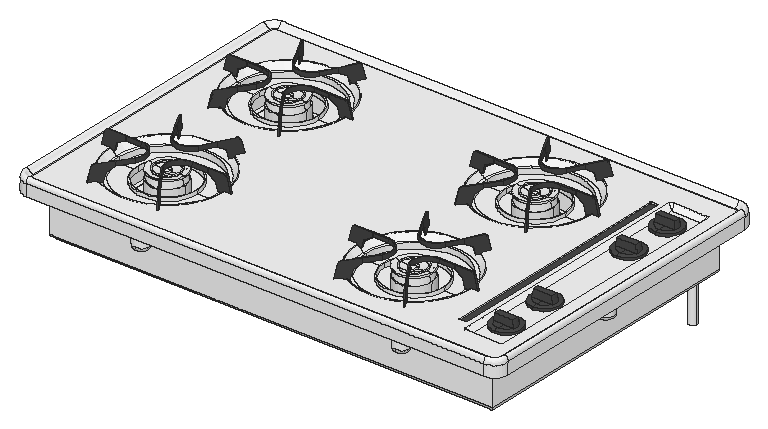
Revit family "QF_Summit_WNL05P_Cooktop", category Specialty Equipment, Revit 2020
Family settings
  Round Connector Dimension = Use Diameter
  Part Type = Normal
  Work Plane-Based = No
  Always vertical = Yes
  Cut with Voids When Loaded = No
  Shared = No
  Room Calculation Point = No
Parameters
  Weight in Pounds = 32
  URL Cutsheet = ""
  Specification by User = ""
  Specification by Manufacturer = ""
  Serial Number = ""
  Seismic Rating = ""
  SMACNA No = ""
  Revision Code = ""
  Plumbing Remarks = ""
  Plumbing Connection Type = ""
  NAFEM Spec ID Number = ""
  Model = "WNL05P"
  Masterspec = ""
  Manufacturer = "Summit"
  Length = 30"
  Item Number = ""
  Installed By = ""
  Identify Quantity as Lot = yes
  Height = 3 3/4"
  Gas Size = 0"
  Gas RI Height = 0"
  Gas KW = 0
  Gas Input = 9000.0 Btu/h
  Gas Connection Height = 0"
  Furnished By = ""
  Foodservice Equipment Identifier = yes
  Description = "Cooktop"
  Depth = 20"
  Default Elevation = 0"
  CSI MasterFormat = ""
Reference planes (in)
  plane 1 "BACK": y = 0
  plane 2: z = 0
  plane 3 "LEFT": x = 0
  plane 4 "RIGHT": x = 30
  plane 5 "FRONT": y = -20
  plane 6 "TOP": z = 3.75
  plane 7 "Center Y": x = 15
  plane 8 "Center X": y = -10
  plane 9: z = 2.75
  plane 10: z = 0.25
  plane 11: z = -2.75
Forms (in)
  Sweep 1, solid, material "QF_Plastic_White_Smooth"
    path origin (0, 0, 3.74988) x (-1, 0, 0) y (0, -1, 0)
      loop
        line (-0.0625, 0.8125) -> (-0.0625, 19.1875)
        arc (-0.0625, 19.1875) -> (-0.28217, 19.71783) -> (-0.8125, 19.9375) r 0.75
        line (-0.8125, 19.9375) -> (-29.1875, 19.9375)
        arc (-29.1875, 19.9375) -> (-29.71783, 19.71783) -> (-29.9375, 19.1875) r 0.75
        line (-29.9375, 19.1875) -> (-29.9375, 0.8125)
        arc (-29.9375, 0.8125) -> (-29.71783, 0.28217) -> (-29.1875, 0.0625) r 0.75
        line (-29.1875, 0.0625) -> (-0.8125, 0.0625)
        arc (-0.8125, 0.0625) -> (-0.28217, 0.28217) -> (-0.0625, 0.8125) r 0.75
    profile origin (0.0625, -10, 3.74988) x (1, 0, 0) y (0, 0, 1)
      loop
        line (0.50007, -0.99988) -> (0.50007, -0.24988)
        spline (0.50007, -0.24988) -> (0.38683, -0.22526) -> (0.30986, -0.16677) -> (0.25459, -0.09746) -> (0.20654, -0.0403) -> (0.15715, -0.00897) -> (0.1083, -0.00102) -> (0.06291, -0.01235) -> (0.02367, -0.03905) -> (-0.00886, -0.07917) -> (-0.03532, -0.13183) -> (-0.05489, -0.20201) -> (-0.06266, -0.31115)
        line (-0.06266, -0.31115) -> (-0.06266, -0.99988) -> (0.50007, -0.99988)
  Extrusion 2, solid, material "QF_Plastic_White_Smooth"
    sketch origin (23.1875, -0.5625, 3.24988) x (0, 1, 0) y (1, 0, 0)
      loop
        circle (-4.74127, -17.90956) r 3.49904
      loop
        line (-18.875, 6) -> (-18.875, -22.375)
        arc (-18.875, -22.375) -> (-18.80178, -22.55178) -> (-18.625, -22.625) r 0.25
        line (-18.625, -22.625) -> (-0.25, -22.625)
        arc (-0.25, -22.625) -> (-0.07322, -22.55178) -> (0, -22.375) r 0.25
        line (0, -22.375) -> (0, 6)
        arc (0, 6) -> (-0.07322, 6.17678) -> (-0.25, 6.25) r 0.25
        line (-0.25, 6.25) -> (-18.625, 6.25)
        arc (-18.625, 6.25) -> (-18.80178, 6.17678) -> (-18.875, 6) r 0.25
      loop
        circle (-4.74127, -2.59162) r 3.49904
      loop
        circle (-14.13373, -17.90956) r 3.49904
      loop
        circle (-14.13373, -2.59162) r 3.49904
    from 0.49988 to -0.25012
  Blend 3, void
    base sketch origin (23.18874, -0.56796, 3.54988) x (0, 1, 0) y (-1, 0, 0)
      loop
        arc (-1.25, -3.25) -> (-1.32322, -3.07322) -> (-1.5, -3) r 0.25
        line (-1.5, -3) -> (-17.375, -3)
        arc (-17.375, -3) -> (-17.55178, -3.07322) -> (-17.625, -3.25) r 0.25
        line (-17.625, -3.25) -> (-17.625, -5.5)
        arc (-17.625, -5.5) -> (-17.55178, -5.67678) -> (-17.375, -5.75) r 0.25
        line (-17.375, -5.75) -> (-1.5, -5.75)
        arc (-1.5, -5.75) -> (-1.32322, -5.67678) -> (-1.25, -5.5) r 0.25
        line (-1.25, -5.5) -> (-1.25, -3.25)
    top sketch origin (23.18874, -0.56796, 3.54988) x (0, 1, 0) y (-1, 0, 0)
      loop
        line (-1.71875, -3.46875) -> (-17.15625, -3.46875) -> (-17.15625, -5.28125) -> (-1.71875, -5.28125) -> (-1.71875, -3.46875)
    from 0.0625 to -0.31152
  Extrusion 4, void
    sketch origin (23.18874, -0.56796, 3.54988) x (0, 1, 0) y (-1, 0, 0)
      loop
        arc (-2, -2.4375) -> (-2.01831, -2.39331) -> (-2.0625, -2.375) r 0.0625
        line (-2.0625, -2.375) -> (-16.8125, -2.375)
        arc (-16.8125, -2.375) -> (-16.85669, -2.39331) -> (-16.875, -2.4375) r 0.0625
        line (-16.875, -2.4375) -> (-16.875, -2.8125)
        arc (-16.875, -2.8125) -> (-16.85669, -2.85669) -> (-16.8125, -2.875) r 0.0625
        line (-16.8125, -2.875) -> (-2.0625, -2.875)
        arc (-2.0625, -2.875) -> (-2.01831, -2.85669) -> (-2, -2.8125) r 0.0625
        line (-2, -2.8125) -> (-2, -2.4375)
    from 0.0625 to -0.125
  Revolve 5, solid, material "QF_Plastic_Black_Smooth"
    sketch origin (27.56374, -3, 0.23835) x (0, 1, 0) y (0, 0, 1)
      loop
        line (-0.75736, 3) -> (-0.50736, 3) -> (-0.50736, 3.07947) -> (0.15671, 3.07947) -> (0.15671, 3.2014)
        arc (0.15671, 3.2014) -> (0.03405, 3.23774) -> (-0.09329, 3.25) r 0.66737
        line (-0.09329, 3.25) -> (-0.75736, 3.25) -> (-0.75736, 3)
      axis (-0.75736, 3.25) -> (-0.75736, 3)
    angle from 0 to 360
  Blend 6, solid, material "QF_Plastic_Black_Smooth"
    base sketch origin (5.99846, -3, 3.98835) x (-1, 0, 0) y (0, -1, 0)
      loop
        arc (-20.9318, 0.55812) -> (-20.90121, 0.75736) -> (-20.9318, 0.95659) r 0.66406
        line (-20.9318, 0.95659) -> (-22.19875, 0.95659)
        arc (-22.19875, 0.95659) -> (-22.22934, 0.75736) -> (-22.19875, 0.55812) r 0.66406
        line (-22.19875, 0.55812) -> (-20.9318, 0.55812)
    top sketch origin (5.99846, -3, 3.98835) x (-1, 0, 0) y (0, -1, 0)
      loop
        arc (-20.98589, 0.57514) -> (-20.95791, 0.75736) -> (-20.98589, 0.93958) r 0.60736
        line (-20.98589, 0.93958) -> (-22.14466, 0.93958)
        arc (-22.14466, 0.93958) -> (-22.17264, 0.75736) -> (-22.14466, 0.57514) r 0.60736
        line (-22.14466, 0.57514) -> (-20.98589, 0.57514)
    from -0.5 to -0.05271
  Revolve 7, solid, material "QF_Plastic_Black_Smooth", not visible
    sketch origin (21.56528, -3, 0) x (0, 1, 0) y (0, 0, 1)
      loop
        line (-0.75736, 3) -> (-0.50736, 3) -> (-0.50736, 3.07947) -> (0.15671, 3.07947) -> (0.15671, 3.2014)
        arc (0.15671, 3.2014) -> (0.03405, 3.23774) -> (-0.09329, 3.25) r 0.66737
        line (-0.09329, 3.25) -> (-0.75736, 3.25) -> (-0.75736, 3)
      axis (-0.75736, 3.25) -> (-0.75736, 3)
    angle from 0 to 360
  Blend 8, solid, material "QF_Plastic_Black_Smooth", not visible
    base sketch origin (0, -3, 3.75) x (-1, 0, 0) y (0, -1, 0)
      loop
        arc (-20.9318, 0.55812) -> (-20.90121, 0.75736) -> (-20.9318, 0.95659) r 0.66406
        line (-20.9318, 0.95659) -> (-22.19875, 0.95659)
        arc (-22.19875, 0.95659) -> (-22.22934, 0.75736) -> (-22.19875, 0.55812) r 0.66406
        line (-22.19875, 0.55812) -> (-20.9318, 0.55812)
    top sketch origin (0, -3, 3.75) x (-1, 0, 0) y (0, -1, 0)
      loop
        arc (-20.98589, 0.57514) -> (-20.95791, 0.75736) -> (-20.98589, 0.93958) r 0.60736
        line (-20.98589, 0.93958) -> (-22.14466, 0.93958)
        arc (-22.14466, 0.93958) -> (-22.17264, 0.75736) -> (-22.14466, 0.57514) r 0.60736
        line (-22.14466, 0.57514) -> (-20.98589, 0.57514)
    from -0.5 to -0.05271
  Revolve 9, solid, material "QF_Plastic_Black_Smooth"
    sketch origin (27.56156, -3.00158, 0.23835) x (0, 1, 0) y (0, 0, 1)
      loop
        line (-3.75736, 3) -> (-3.50736, 3) -> (-3.50736, 3.07947) -> (-2.84329, 3.07947) -> (-2.84329, 3.2014)
        arc (-2.84329, 3.2014) -> (-2.96595, 3.23774) -> (-3.09329, 3.25) r 0.66737
        line (-3.09329, 3.25) -> (-3.75736, 3.25) -> (-3.75736, 3)
      axis (-3.75736, 3.25) -> (-3.75736, 3)
    angle from 0 to 360
  Blend 10, solid, material "QF_Plastic_Black_Smooth"
    base sketch origin (5.99628, -3.00158, 3.98835) x (-1, 0, 0) y (0, -1, 0)
      loop
        arc (-20.9318, 3.55812) -> (-20.90121, 3.75736) -> (-20.9318, 3.95659) r 0.66406
        line (-20.9318, 3.95659) -> (-22.19875, 3.95659)
        arc (-22.19875, 3.95659) -> (-22.22934, 3.75736) -> (-22.19875, 3.55812) r 0.66406
        line (-22.19875, 3.55812) -> (-20.9318, 3.55812)
    top sketch origin (5.99628, -3.00158, 3.98835) x (-1, 0, 0) y (0, -1, 0)
      loop
        arc (-20.98589, 3.57514) -> (-20.95791, 3.75736) -> (-20.98589, 3.93958) r 0.60736
        line (-20.98589, 3.93958) -> (-22.14466, 3.93958)
        arc (-22.14466, 3.93958) -> (-22.17264, 3.75736) -> (-22.14466, 3.57514) r 0.60736
        line (-22.14466, 3.57514) -> (-20.98589, 3.57514)
    from -0.5 to -0.05271
  Revolve 11, solid, material "QF_Plastic_Black_Smooth"
    sketch origin (27.56156, -6.00158, 0.23835) x (0, 1, 0) y (0, 0, 1)
      loop
        line (-10.24264, 3) -> (-10.24264, 3.25) -> (-10.90671, 3.25)
        arc (-10.90671, 3.25) -> (-11.03405, 3.23774) -> (-11.15671, 3.2014) r 0.66737
        line (-11.15671, 3.2014) -> (-11.15671, 3.07947) -> (-10.49264, 3.07947) -> (-10.49264, 3) -> (-10.24264, 3)
      axis (-10.24264, 3.25) -> (-10.24264, 3)
    angle from 0 to 360
  Blend 12, solid, material "QF_Plastic_Black_Smooth"
    base sketch origin (5.99628, -6.00158, 3.98835) x (-1, 0, 0) y (0, -1, 0)
      loop
        line (-20.9318, 10.44188) -> (-22.19875, 10.44188)
        arc (-22.19875, 10.44188) -> (-22.22934, 10.24264) -> (-22.19875, 10.04341) r 0.66406
        line (-22.19875, 10.04341) -> (-20.9318, 10.04341)
        arc (-20.9318, 10.04341) -> (-20.90121, 10.24264) -> (-20.9318, 10.44188) r 0.66406
    top sketch origin (5.99628, -6.00158, 3.98835) x (-1, 0, 0) y (0, -1, 0)
      loop
        line (-20.98589, 10.42486) -> (-22.14466, 10.42486)
        arc (-22.14466, 10.42486) -> (-22.17264, 10.24264) -> (-22.14466, 10.06042) r 0.60736
        line (-22.14466, 10.06042) -> (-20.98589, 10.06042)
        arc (-20.98589, 10.06042) -> (-20.95791, 10.24264) -> (-20.98589, 10.42486) r 0.60736
    from -0.5 to -0.05271
  Revolve 13, solid, material "QF_Plastic_Black_Smooth"
    sketch origin (27.56156, -3.00158, 0.23835) x (0, 1, 0) y (0, 0, 1)
      loop
        line (-10.24264, 3) -> (-10.24264, 3.25) -> (-10.90671, 3.25)
        arc (-10.90671, 3.25) -> (-11.03405, 3.23774) -> (-11.15671, 3.2014) r 0.66737
        line (-11.15671, 3.2014) -> (-11.15671, 3.07947) -> (-10.49264, 3.07947) -> (-10.49264, 3) -> (-10.24264, 3)
      axis (-10.24264, 3.25) -> (-10.24264, 3)
    angle from 0 to 360
  Blend 14, solid, material "QF_Plastic_Black_Smooth"
    base sketch origin (5.99628, -3.00158, 3.98835) x (-1, 0, 0) y (0, -1, 0)
      loop
        line (-20.9318, 10.44188) -> (-22.19875, 10.44188)
        arc (-22.19875, 10.44188) -> (-22.22934, 10.24264) -> (-22.19875, 10.04341) r 0.66406
        line (-22.19875, 10.04341) -> (-20.9318, 10.04341)
        arc (-20.9318, 10.04341) -> (-20.90121, 10.24264) -> (-20.9318, 10.44188) r 0.66406
    top sketch origin (5.99628, -3.00158, 3.98835) x (-1, 0, 0) y (0, -1, 0)
      loop
        line (-20.98589, 10.42486) -> (-22.14466, 10.42486)
        arc (-22.14466, 10.42486) -> (-22.17264, 10.24264) -> (-22.14466, 10.06042) r 0.60736
        line (-22.14466, 10.06042) -> (-20.98589, 10.06042)
        arc (-20.98589, 10.06042) -> (-20.95791, 10.24264) -> (-20.98589, 10.42486) r 0.60736
    from -0.5 to -0.05271
  Revolve 15, solid, material "QF_Plastic_Black_Smooth", not visible
    sketch origin (21.56528, -20.00316, 0) x (0, 1, 0) y (0, 0, 1)
      loop
        line (16.2458, 3) -> (16.4958, 3) -> (16.4958, 3.07947) -> (17.15986, 3.07947) -> (17.15986, 3.2014)
        arc (17.15986, 3.2014) -> (17.0372, 3.23774) -> (16.90986, 3.25) r 0.66737
        line (16.90986, 3.25) -> (16.2458, 3.25) -> (16.2458, 3)
      axis (16.2458, 3.25) -> (16.2458, 3)
    angle from 0 to 360
  Blend 16, solid, material "QF_Plastic_Black_Smooth", not visible
    base sketch origin (0, -20.00316, 3.75) x (-1, 0, 0) y (0, -1, 0)
      loop
        arc (-20.9318, -16.44503) -> (-20.90121, -16.2458) -> (-20.9318, -16.04657) r 0.66406
        line (-20.9318, -16.04657) -> (-22.19875, -16.04657)
        arc (-22.19875, -16.04657) -> (-22.22934, -16.2458) -> (-22.19875, -16.44503) r 0.66406
        line (-22.19875, -16.44503) -> (-20.9318, -16.44503)
    top sketch origin (0, -20.00316, 3.75) x (-1, 0, 0) y (0, -1, 0)
      loop
        arc (-20.98589, -16.42802) -> (-20.95791, -16.2458) -> (-20.98589, -16.06358) r 0.60736
        line (-20.98589, -16.06358) -> (-22.14466, -16.06358)
        arc (-22.14466, -16.06358) -> (-22.17264, -16.2458) -> (-22.14466, -16.42802) r 0.60736
        line (-22.14466, -16.42802) -> (-20.98589, -16.42802)
    from -0.5 to -0.05271
  Extrusion 17, solid, material "QF_Plastic_White_Smooth"
    sketch origin (9.68847, 8.08075, 0) x (-1, 0, 0) y (0, 1, 0)
      loop
        circle (-18, -10) r 0.25
    from -0.125 to 2.75
  Sweep 18, solid, material "QF_Plastic_White_Smooth"
    path origin (0, 0, 0) x (1, 0, 0) y (0, 1, 0)
      loop
        line (28.75, -1.25) -> (1.25, -1.25) -> (1.25, -18.75) -> (28.75, -18.75) -> (28.75, -1.25)
    profile origin (28.75, -10, 0) x (1, 0, 0) y (0, 0, 1)
      loop
        line (-0.25, 0) -> (-0.25, 0.125) -> (-0.13174, 0.125)
        arc (-0.13174, 0.125) -> (-0.03859, 0.16359) -> (0, 0.25674) r 0.13174
        line (0, 0.25674) -> (0, 2.75) -> (-0.125, 2.75) -> (-0.125, 0.25) -> (-0.375, 0.25) -> (-0.375, 0) -> (-0.25, 0)
  Extrusion 19, solid, material "QF_Plastic_White_Smooth"
    sketch origin (28.375, -1.625, 0.25) x (0, -1, 0) y (1, 0, 0)
      loop
        line (0, -26.75) -> (16.75, -26.75) -> (16.75, 0) -> (0, 0) -> (0, -26.75)
    from 0 to -0.125
  Extrusion 20, solid, material "QF_Plastic_White_Smooth"
    sketch origin (28.375, -1.625, 0.125) x (1, 0, 0) y (0, -1, 0)
      loop
        circle (-1.43653, 0.29425) r 0.25
    from 0 to 0.0625
  Revolve 21, solid, material "QF_Plastic_White_Smooth"
    sketch origin (0, -10, 0) x (1, 0, 0) y (0, 0, 1)
      loop
        line (1.25, 2.75) -> (0.75, 2.75) -> (0.75, 1.75)
        arc (0.75, 1.75) -> (0.8255, 1.58445) -> (1, 1.5329) r 0.21926
        line (1, 1.5329) -> (1.25, 1.5329) -> (1.25, 2.75)
      axis (1.25, 1.5329) -> (1.25, 2.75)
    angle from -90 to 90
  Revolve 22, solid, material "QF_Plastic_White_Smooth"
    sketch origin (24, -10, 0) x (-1, 0, 0) y (0, 0, -1)
      loop
        line (-4.75, -2.75) -> (-4.75, -1.5329) -> (-5, -1.5329)
        arc (-5, -1.5329) -> (-5.1745, -1.58445) -> (-5.25, -1.75) r 0.21926
        line (-5.25, -1.75) -> (-5.25, -2.75) -> (-4.75, -2.75)
      axis (-4.75, -1.5329) -> (-4.75, -2.75)
    angle from -90 to 90
  Revolve 23, solid, material "QF_Plastic_White_Smooth"
    sketch origin (21.33132, -1.25, 0) x (-1, 0, 0) y (0, 0, -1)
      loop
        line (-1.75, -2.75) -> (-1.75, -1.5329) -> (-2, -1.5329)
        arc (-2, -1.5329) -> (-2.1745, -1.58445) -> (-2.25, -1.75) r 0.21926
        line (-2.25, -1.75) -> (-2.25, -2.75) -> (-1.75, -2.75)
      axis (-1.75, -1.5329) -> (-1.75, -2.75)
    angle from 0 to 180
  Revolve 24, solid, material "QF_Plastic_White_Smooth"
    sketch origin (5.19698, -1.25, 0) x (-1, 0, 0) y (0, 0, -1)
      loop
        line (-1.75, -2.75) -> (-1.75, -1.5329) -> (-2, -1.5329)
        arc (-2, -1.5329) -> (-2.1745, -1.58445) -> (-2.25, -1.75) r 0.21926
        line (-2.25, -1.75) -> (-2.25, -2.75) -> (-1.75, -2.75)
      axis (-1.75, -1.5329) -> (-1.75, -2.75)
    angle from 0 to 180
  Revolve 25, solid, material "QF_Plastic_White_Smooth"
    sketch origin (21.33132, -18.75, 0) x (-1, 0, 0) y (0, 0, 1)
      loop
        line (-1.75, 2.75) -> (-2.25, 2.75) -> (-2.25, 1.75)
        arc (-2.25, 1.75) -> (-2.1745, 1.58445) -> (-2, 1.5329) r 0.21926
        line (-2, 1.5329) -> (-1.75, 1.5329) -> (-1.75, 2.75)
      axis (-1.75, 1.5329) -> (-1.75, 2.75)
    angle from 0 to 180
  Revolve 26, solid, material "QF_Plastic_White_Smooth"
    sketch origin (5.19698, -18.75, 0) x (-1, 0, 0) y (0, 0, 1)
      loop
        line (-1.75, 2.75) -> (-2.25, 2.75) -> (-2.25, 1.75)
        arc (-2.25, 1.75) -> (-2.1745, 1.58445) -> (-2, 1.5329) r 0.21926
        line (-2, 1.5329) -> (-1.75, 1.5329) -> (-1.75, 2.75)
      axis (-1.75, 1.5329) -> (-1.75, 2.75)
    angle from 0 to 180
Cuts and joins
  Blend 3, Extrusion 4 cuts Extrusion 2
Lines and regions (in)
  symbolic lines
    curve 1: arc (27.56374, -2.84329, 3.98835) -> (26.64968, -3.75736, 3.98835) -> (27.56374, -4.67142, 3.98835) r 0.91406
    curve 2: arc (27.56374, -4.67142, 3.98835) -> (28.4778, -3.75736, 3.98835) -> (27.56374, -2.84329, 3.98835) r 0.91406
    curve 3: line (26.93027, -3.55812, 3.98835) -> (28.19721, -3.55812, 3.98835)
    curve 4: line (28.19721, -3.95659, 3.98835) -> (26.93027, -3.95659, 3.98835)
    curve 5: arc (26.93027, -3.55812, 3.98835) -> (26.89968, -3.75736, 3.98835) -> (26.93027, -3.95659, 3.98835) r 0.66406
    curve 6: arc (28.19721, -3.95659, 3.98835) -> (28.2278, -3.75736, 3.98835) -> (28.19721, -3.55812, 3.98835) r 0.66406
    curve 13: arc (27.56156, -5.84487, 3.98835) -> (26.6475, -6.75893, 3.98835) -> (27.56156, -7.673, 3.98835) r 0.91406
    curve 14: arc (27.56156, -7.673, 3.98835) -> (28.47562, -6.75893, 3.98835) -> (27.56156, -5.84487, 3.98835) r 0.91406
    curve 15: line (26.92809, -6.5597, 3.98835) -> (28.19503, -6.5597, 3.98835)
    curve 16: line (28.19503, -6.95817, 3.98835) -> (26.92809, -6.95817, 3.98835)
    curve 17: arc (26.92809, -6.5597, 3.98835) -> (26.8975, -6.75893, 3.98835) -> (26.92809, -6.95817, 3.98835) r 0.66406
    curve 18: arc (28.19503, -6.95817, 3.98835) -> (28.22562, -6.75893, 3.98835) -> (28.19503, -6.5597, 3.98835) r 0.66406
    curve 19: arc (27.56156, -17.15828, 3.98835) -> (26.6475, -16.24422, 3.98835) -> (27.56156, -15.33016, 3.98835) r 0.91406
    curve 20: arc (27.56156, -15.33016, 3.98835) -> (28.47562, -16.24422, 3.98835) -> (27.56156, -17.15828, 3.98835) r 0.91406
    curve 21: line (26.92809, -16.44345, 3.98835) -> (28.19503, -16.44345, 3.98835)
    curve 22: line (28.19503, -16.04499, 3.98835) -> (26.92809, -16.04499, 3.98835)
    curve 23: arc (26.92809, -16.44345, 3.98835) -> (26.8975, -16.24422, 3.98835) -> (26.92809, -16.04499, 3.98835) r 0.66406
    curve 24: arc (28.19503, -16.04499, 3.98835) -> (28.22562, -16.24422, 3.98835) -> (28.19503, -16.44345, 3.98835) r 0.66406
    curve 25: arc (27.56156, -14.15828, 3.98835) -> (26.6475, -13.24422, 3.98835) -> (27.56156, -12.33016, 3.98835) r 0.91406
    curve 26: arc (27.56156, -12.33016, 3.98835) -> (28.47562, -13.24422, 3.98835) -> (27.56156, -14.15828, 3.98835) r 0.91406
    curve 27: line (26.92809, -13.44345, 3.98835) -> (28.19503, -13.44345, 3.98835)
    curve 28: line (28.19503, -13.04499, 3.98835) -> (26.92809, -13.04499, 3.98835)
    curve 29: arc (26.92809, -13.44345, 3.98835) -> (26.8975, -13.24422, 3.98835) -> (26.92809, -13.04499, 3.98835) r 0.66406
    curve 30: arc (28.19503, -13.04499, 3.98835) -> (28.22562, -13.24422, 3.98835) -> (28.19503, -13.44345, 3.98835) r 0.66406
    curve 37: line (0.5625, -0.8125, 0) -> (0.5625, -19.1875, 0)
    curve 38: line (29.1875, -0.5625, 0) -> (0.8125, -0.5625, 0)
    curve 39: arc (0.5625, -0.8125, 0) -> (0.63572, -0.63572, 0) -> (0.8125, -0.5625, 0) r 0.25
    curve 40: arc (29.1875, -0.5625, 0) -> (29.36428, -0.63572, 0) -> (29.4375, -0.8125, 0) r 0.25
    curve 41: line (29.4375, -19.1875, 0) -> (29.4375, -0.8125, 0)
    curve 42: line (28.46999, -2.28671, 0) -> (26.65749, -2.28671, 0)
    curve 43: line (26.65749, -2.28671, 0) -> (26.65749, -17.72421, 0)
    curve 44: line (26.65749, -17.72421, 0) -> (28.46999, -17.72421, 0)
    curve 45: line (28.46999, -17.72421, 0) -> (28.46999, -2.28671, 0)
    curve 46: line (26.50446, -1.9588, 0) -> (28.62302, -1.9588, 0)
    curve 47: arc (28.62302, -1.9588, 0) -> (28.74668, -2.01002, 0) -> (28.7979, -2.13368, 0) r 0.17489
    curve 48: line (28.7979, -2.13368, 0) -> (28.7979, -17.87723, 0)
    curve 49: arc (28.7979, -17.87723, 0) -> (28.74668, -18.0009, 0) -> (28.62302, -18.05212, 0) r 0.17489
    curve 50: line (28.62302, -18.05212, 0) -> (26.50446, -18.05212, 0)
    curve 51: arc (26.50446, -18.05212, 0) -> (26.3808, -18.0009, 0) -> (26.32958, -17.87723, 0) r 0.17489
    curve 52: line (26.32958, -17.87723, 0) -> (26.32958, -2.13368, 0)
    curve 53: arc (26.32958, -2.13368, 0) -> (26.3808, -2.01002, 0) -> (26.50446, -1.9588, 0) r 0.17489
    curve 54: line (25.56374, -17.38046, 0) -> (25.56374, -2.63046, 0)
    curve 55: arc (25.56374, -2.63046, 0) -> (25.58205, -2.58626, 0) -> (25.62624, -2.56796, 0) r 0.0625
    curve 56: line (25.62624, -2.56796, 0) -> (26.00124, -2.56796, 0)
    curve 57: arc (26.00124, -2.56796, 0) -> (26.04543, -2.58626, 0) -> (26.06374, -2.63046, 0) r 0.0625
    curve 58: line (26.06374, -2.63046, 0) -> (26.06374, -17.38046, 0)
    curve 59: arc (26.06374, -17.38046, 0) -> (26.04543, -17.42465, 0) -> (26.00124, -17.44296, 0) r 0.0625
    curve 60: line (26.00124, -17.44296, 0) -> (25.62624, -17.44296, 0)
    curve 61: arc (25.62624, -17.44296, 0) -> (25.58205, -17.42465, 0) -> (25.56374, -17.38046, 0) r 0.0625
    curve 62: line (0.8125, -19.4375, 0) -> (29.1875, -19.4375, 0)
    curve 63: arc (29.4375, -19.1875, 0) -> (29.36428, -19.36428, 0) -> (29.1875, -19.4375, 0) r 0.25
    curve 64: arc (0.8125, -19.4375, 0) -> (0.63572, -19.36428, 0) -> (0.5625, -19.1875, 0) r 0.25
    curve 65: line (-0.00016, -19.1875, 0) -> (-0.00016, -0.8125, 0)
    curve 66: arc (-0.00016, -0.8125, 0) -> (0.23786, -0.23786, 0) -> (0.8125, 0.00016, 0) r 0.81266
    curve 67: line (0.8125, 0.00016, 0) -> (29.1875, 0.00016, 0)
    curve 68: arc (29.1875, 0.00016, 0) -> (29.76214, -0.23786, 0) -> (30.00016, -0.8125, 0) r 0.81266
    curve 69: line (30.00016, -0.8125, 0) -> (30.00016, -19.1875, 0)
    curve 70: arc (30.00016, -19.1875, 0) -> (29.76214, -19.76214, 0) -> (29.1875, -20.00016, 0) r 0.81266
    curve 71: line (29.1875, -20.00016, 0) -> (0.8125, -20.00016, 0)
    curve 72: arc (0.8125, -20.00016, 0) -> (0.23786, -19.76214, 0) -> (-0.00016, -19.1875, 0) r 0.81266
  symbolic lines, not visible
    curve 7: arc (21.56528, -2.84329, 3.75) -> (20.65121, -3.75736, 3.75) -> (21.56528, -4.67142, 3.75) r 0.91406
    curve 8: arc (21.56528, -4.67142, 3.75) -> (22.47934, -3.75736, 3.75) -> (21.56528, -2.84329, 3.75) r 0.91406
    curve 9: line (20.9318, -3.55812, 3.75) -> (22.19875, -3.55812, 3.75)
    curve 10: line (22.19875, -3.95659, 3.75) -> (20.9318, -3.95659, 3.75)
    curve 11: arc (20.9318, -3.55812, 3.75) -> (20.90121, -3.75736, 3.75) -> (20.9318, -3.95659, 3.75) r 0.66406
    curve 12: arc (22.19875, -3.95659, 3.75) -> (22.22934, -3.75736, 3.75) -> (22.19875, -3.55812, 3.75) r 0.66406
    curve 31: arc (21.56528, -2.84329, 3.75) -> (20.65121, -3.75736, 3.75) -> (21.56528, -4.67142, 3.75) r 0.91406
    curve 32: arc (21.56528, -4.67142, 3.75) -> (22.47934, -3.75736, 3.75) -> (21.56528, -2.84329, 3.75) r 0.91406
    curve 33: line (20.9318, -3.55812, 3.75) -> (22.19875, -3.55812, 3.75)
    curve 34: line (22.19875, -3.95659, 3.75) -> (20.9318, -3.95659, 3.75)
    curve 35: arc (20.9318, -3.55812, 3.75) -> (20.90121, -3.75736, 3.75) -> (20.9318, -3.95659, 3.75) r 0.66406
    curve 36: arc (22.19875, -3.95659, 3.75) -> (22.22934, -3.75736, 3.75) -> (22.19875, -3.55812, 3.75) r 0.66406
Dimensions and locks (in)
  equal spacing: plane 3 "LEFT", plane 7 "Center Y", plane 4 "RIGHT"
  "Length": plane 3 "LEFT" to plane 4 "RIGHT"
  equal spacing: plane 5 "FRONT", plane 8 "Center X", plane 1 "BACK"
  "Depth": plane 5 "FRONT" to plane 1 "BACK"
  "Height": plane 6 "TOP" to level
  plane 9 to plane 10 = 2 1/2"
  plane 10 to plane 11 = 3"
  plane 6 "TOP" to plane 9 = 1"
  aligned and locked: level to plane 2
Automatic sketch dimensions
  Blend 6 sketch curve to Blend 6 sketch curve = 0.63347"  (x2)
  Blend 6 sketch curve to Blend 6 sketch curve = 51/256"
  Blend 6 sketch curve to Blend 6 sketch curve = 0"  (x10)
  Blend 6 sketch curve to Blend 6 sketch curve = 0.57938"  (x2)
  Blend 6 sketch curve to Blend 6 sketch curve = 0.18222"
  curve 4 to curve 1 = 0.63347"
  curve 3 to curve 1 = 51/256"
  curve 2 to curve 5 = 183/256"
  curve 3 to curve 4 = 0"
  curve 2 to curve 3 = 0.63347"
  curve 2 to curve 5 = 0"  (x4)
  curve 2 to curve 6 = 0"  (x3)
  curve 5 to curve 6 = 0"  (x3)
  curve 1 to curve 2 = 0"  (x2)
  curve 1 to curve 5 = 0"  (x2)
  curve 1 to curve 6 = 0"  (x2)
  Blend 8 sketch curve to Blend 8 sketch curve = 0.63347"  (x2)
  Blend 8 sketch curve to Blend 8 sketch curve = 51/256"
  Blend 8 sketch curve to Blend 8 sketch curve = 0"  (x10)
  Blend 8 sketch curve to Blend 8 sketch curve = 0.57938"  (x2)
  Blend 8 sketch curve to Blend 8 sketch curve = 0.18222"
  curve 10 to curve 7 = 0.63347"
  curve 9 to curve 7 = 51/256"
  curve 8 to curve 11 = 183/256"
  curve 9 to curve 10 = 0"
  curve 8 to curve 9 = 0.63347"
  curve 8 to curve 11 = 0"  (x4)
  curve 8 to curve 12 = 0"  (x3)
  curve 11 to curve 12 = 0"  (x3)
  curve 7 to curve 8 = 0"  (x2)
  curve 7 to curve 11 = 0"  (x2)
  curve 7 to curve 12 = 0"  (x2)
  Revolve 9 sketch curve to Revolve 9 sketch curve = 1/4"  (x2)
  Revolve 9 sketch curve to Revolve 9 sketch curve = 53/128"
  Revolve 9 sketch curve to Revolve 9 sketch curve = 85/128"
  Revolve 9 sketch curve to Revolve 9 sketch curve = 0"
  Revolve 9 sketch curve to Revolve 9 sketch curve = 0.12193"
  Blend 10 sketch curve to Blend 10 sketch curve = 0.63347"  (x2)
  Blend 10 sketch curve to Blend 10 sketch curve = 51/256"
  Blend 10 sketch curve to Blend 10 sketch curve = 0"  (x10)
  Blend 10 sketch curve to Blend 10 sketch curve = 0.57938"  (x2)
  Blend 10 sketch curve to Blend 10 sketch curve = 0.18222"
  Revolve 9 sketch curve to Revolve 9 sketch curve = 0.41737"
  Revolve 9 sketch curve to Revolve 9 sketch curve = 0.07947"
  Revolve 9 sketch curve to Revolve 9 sketch curve = 0.30818"
  Revolve 11 sketch curve to Revolve 11 sketch curve = 1/4"  (x2)
  Revolve 11 sketch curve to Revolve 11 sketch curve = 53/128"
  Revolve 11 sketch curve to Revolve 11 sketch curve = 85/128"
  Revolve 11 sketch curve to Revolve 11 sketch curve = 0"
  Revolve 11 sketch curve to Revolve 11 sketch curve = 0.12193"
  Blend 12 sketch curve to Blend 12 sketch curve = 0.63347"  (x2)
  Blend 12 sketch curve to Blend 12 sketch curve = 51/256"
  Blend 12 sketch curve to Blend 12 sketch curve = 0"  (x10)
  Blend 12 sketch curve to Blend 12 sketch curve = 0.57938"  (x2)
  Blend 12 sketch curve to Blend 12 sketch curve = 0.18222"
  Revolve 11 sketch curve to Revolve 11 sketch curve = 0.41737"
  Revolve 11 sketch curve to Revolve 11 sketch curve = 0.07947"
  Revolve 11 sketch curve to Revolve 11 sketch curve = 0.30818"
  Revolve 13 sketch curve to Revolve 13 sketch curve = 1/4"  (x2)
  Revolve 13 sketch curve to Revolve 13 sketch curve = 53/128"
  Revolve 13 sketch curve to Revolve 13 sketch curve = 85/128"
  Revolve 13 sketch curve to Revolve 13 sketch curve = 0"
  Revolve 13 sketch curve to Revolve 13 sketch curve = 0.12193"
  Blend 14 sketch curve to Blend 14 sketch curve = 0.63347"  (x2)
  Blend 14 sketch curve to Blend 14 sketch curve = 51/256"
  Blend 14 sketch curve to Blend 14 sketch curve = 0"  (x10)
  Blend 14 sketch curve to Blend 14 sketch curve = 0.57938"  (x2)
  Blend 14 sketch curve to Blend 14 sketch curve = 0.18222"
  Revolve 13 sketch curve to Revolve 13 sketch curve = 0.41737"
  Revolve 13 sketch curve to Revolve 13 sketch curve = 0.07947"
  Revolve 13 sketch curve to Revolve 13 sketch curve = 0.30818"
  curve 16 to curve 13 = 0.63347"
  curve 15 to curve 13 = 51/256"
  curve 14 to curve 17 = 183/256"
  curve 15 to curve 16 = 0"
  curve 14 to curve 15 = 0.63347"
  curve 14 to curve 17 = 0"  (x4)
  curve 14 to curve 18 = 0"  (x3)
  curve 17 to curve 18 = 0"  (x3)
  curve 13 to curve 14 = 0"  (x2)
  curve 13 to curve 17 = 0"  (x2)
  curve 13 to curve 18 = 0"  (x2)
  curve 22 to curve 19 = 0.63347"
  curve 19 to curve 21 = 51/256"
  curve 23 to curve 20 = 183/256"
  curve 21 to curve 22 = 0"
  curve 20 to curve 21 = 0.63347"
  curve 20 to curve 23 = 0"  (x4)
  curve 20 to curve 24 = 0"  (x3)
  curve 23 to curve 24 = 0"  (x3)
  curve 19 to curve 20 = 0"  (x2)
  curve 19 to curve 23 = 0"  (x2)
  curve 19 to curve 24 = 0"  (x2)
  curve 28 to curve 25 = 0.63347"
  curve 25 to curve 27 = 51/256"
  curve 29 to curve 26 = 183/256"
  curve 27 to curve 28 = 0"
  curve 26 to curve 27 = 0.63347"
  curve 26 to curve 29 = 0"  (x4)
  curve 26 to curve 30 = 0"  (x3)
  curve 29 to curve 30 = 0"  (x3)
  curve 25 to curve 26 = 0"  (x2)
  curve 25 to curve 29 = 0"  (x2)
  curve 25 to curve 30 = 0"  (x2)
  Revolve 15 sketch curve to Revolve 15 sketch curve = 1/4"  (x2)
  Revolve 15 sketch curve to Revolve 15 sketch curve = 53/128"
  Revolve 15 sketch curve to Revolve 15 sketch curve = 85/128"
  Revolve 15 sketch curve to Revolve 15 sketch curve = 0"
  Revolve 15 sketch curve to Revolve 15 sketch curve = 0.12193"
  Blend 16 sketch curve to Blend 16 sketch curve = 0.63347"  (x2)
  Blend 16 sketch curve to Blend 16 sketch curve = 51/256"
  Blend 16 sketch curve to Blend 16 sketch curve = 0"  (x10)
  Blend 16 sketch curve to Blend 16 sketch curve = 0.57938"  (x2)
  Blend 16 sketch curve to Blend 16 sketch curve = 0.18222"
  Revolve 15 sketch curve to Revolve 15 sketch curve = 0.41737"
  Revolve 15 sketch curve to Revolve 15 sketch curve = 0.07947"
  Revolve 15 sketch curve to Revolve 15 sketch curve = 0.30818"
  curve 34 to curve 31 = 0.63347"
  curve 33 to curve 31 = 51/256"
  curve 32 to curve 35 = 183/256"
  curve 33 to curve 34 = 0"
  curve 32 to curve 33 = 0.63347"
  curve 32 to curve 35 = 0"  (x4)
  curve 32 to curve 36 = 0"  (x3)
  curve 35 to curve 36 = 0"  (x3)
  curve 31 to curve 32 = 0"  (x2)
  curve 31 to curve 35 = 0"  (x2)
  curve 31 to curve 36 = 0"  (x2)
  Revolve 5 sketch curve to Revolve 5 sketch curve = 1/4"  (x2)
  Revolve 5 sketch curve to Revolve 5 sketch curve = 53/128"
  Revolve 5 sketch curve to Revolve 5 sketch curve = 0.41737"
  Revolve 5 sketch curve to Revolve 5 sketch curve = 0.07947"
  Revolve 5 sketch curve to Revolve 5 sketch curve = 0.12193"
  Revolve 5 sketch curve to Revolve 5 sketch curve = 0"  (x2)
  Revolve 5 sketch curve to Revolve 5 sketch curve = 0.30818"
  Revolve 7 sketch curve to Revolve 7 sketch curve = 1/4"  (x2)
  Revolve 7 sketch curve to Revolve 7 sketch curve = 53/128"
  Revolve 7 sketch curve to Revolve 7 sketch curve = 0.41737"
  Revolve 7 sketch curve to Revolve 7 sketch curve = 0.07947"
  Revolve 7 sketch curve to Revolve 7 sketch curve = 0.12193"
  Revolve 7 sketch curve to Revolve 7 sketch curve = 0"  (x2)
  Revolve 7 sketch curve to Revolve 7 sketch curve = 0.30818"
  plane 4 "RIGHT" to Sweep 1 sketch curve = 1/16"
  Sweep 1 sketch curve to Sweep 1 sketch curve = 3/4"
  Sweep 1 sketch curve to plane 5 "FRONT" = 1/16"
  plane 4 "RIGHT" to Sweep 1 sketch curve = 13/16"
  plane 3 "LEFT" to Sweep 1 sketch curve = 13/16"  (x2)
  plane 3 "LEFT" to Sweep 1 sketch curve = 1/16"
  plane 1 "BACK" to Sweep 1 sketch curve = 13/16"
  profile plane to Sweep 1 sketch curve = 0.06266"
  Sweep 1 sketch curve to profile plane = 0.50007"
  Sweep 1 sketch curve to profile plane = 0.99988"
  Sweep 1 sketch curve to profile plane = 0.31115"
  Sweep 1 sketch curve to profile plane = 0.24988"
  Extrusion 2 sketch curve to plane 5 "FRONT" = 9/16"
  Extrusion 2 sketch curve to Extrusion 2 sketch curve = 1/4"  (x3)
  Extrusion 2 sketch curve to plane 8 "Center X" = 4.69623"  (x2)
  plane 7 "Center Y" to Extrusion 2 sketch curve = 5.59588"  (x2)
  plane 8 "Center X" to Extrusion 2 sketch curve = 4.69623"  (x2)
  plane 1 "BACK" to Extrusion 2 sketch curve = 13/16"  (x2)
  plane 4 "RIGHT" to Extrusion 2 sketch curve = 13/16"
  plane 3 "LEFT" to Extrusion 2 sketch curve = 5.27794"  (x2)
  plane 3 "LEFT" to Extrusion 2 sketch curve = 13/16"
  Blend 3 sketch curve to plane 5 "FRONT" = 1.80704"
  Blend 3 sketch curve to Blend 3 sketch curve = 1/4"  (x3)
  plane 4 "RIGHT" to Blend 3 sketch curve = 1.31126"
  plane 1 "BACK" to Blend 3 sketch curve = 2.06796"  (x2)
  Blend 3 sketch curve to Blend 3 sketch curve = 2 1/4"
  Blend 3 sketch curve to plane 5 "FRONT" = 2.27579"
  plane 1 "BACK" to Blend 3 sketch curve = 2.28671"
  plane 4 "RIGHT" to Blend 3 sketch curve = 1.53001"
  Blend 3 sketch curve to Blend 3 sketch curve = 1 13/16"
  Extrusion 4 sketch curve to plane 5 "FRONT" = 2.55704"
  Extrusion 4 sketch curve to Extrusion 4 sketch curve = 1/16"  (x3)
  plane 1 "BACK" to Extrusion 4 sketch curve = 2.63046"
  Extrusion 4 sketch curve to Extrusion 4 sketch curve = 0"
  plane 4 "RIGHT" to Extrusion 4 sketch curve = 3.93626"
  Extrusion 4 sketch curve to Extrusion 4 sketch curve = 3/8"
  plane 4 "RIGHT" to Extrusion 17 sketch curve = 2.31153"
  plane 1 "BACK" to Extrusion 17 sketch curve = 1.91925"
  plane 3 "LEFT" to Sweep 18 sketch curve = 1 1/4"
  plane 4 "RIGHT" to Sweep 18 sketch curve = 1 1/4"
  Sweep 18 sketch curve to plane 5 "FRONT" = 1 1/4"
  plane 1 "BACK" to Sweep 18 sketch curve = 1 1/4"
  Sweep 18 sketch curve to level = 0"
  profile plane to Sweep 18 sketch curve = 0"
  profile plane to Sweep 18 sketch curve = 1/8"
  Sweep 18 sketch curve to Sweep 18 sketch curve = 0.00674"
  profile plane to Sweep 18 sketch curve = 1/4"
  Sweep 18 sketch curve to Sweep 18 sketch curve = 1/8"  (x2)
  level to Sweep 18 sketch curve = 1/8"
  Sweep 18 sketch curve to Sweep 18 sketch curve = 2.49326"
  Extrusion 19 sketch curve to Sweep 18 = 0"  (x4)
  Extrusion 20 sketch curve to Extrusion 20 sketch curve = 0"  (x2)
  Extrusion 19 to Extrusion 20 sketch curve = 0.29425"
  Extrusion 19 to Extrusion 20 sketch curve = 1.43653"
  Extrusion 20 sketch curve to Extrusion 20 sketch curve = 1/4"
  Revolve 21 sketch curve to plane 9 = 0"  (x2)
  plane 3 "LEFT" to Revolve 21 sketch curve = 3/4"
  Revolve 21 sketch curve to Revolve 21 sketch curve = 0.21926"
  Revolve 21 sketch curve to Revolve 21 sketch curve = 0.03074"
  Revolve 21 sketch curve to Revolve 21 sketch curve = 1/4"
  Revolve 21 sketch curve to plane 9 = 1"
  Revolve 21 sketch curve to Revolve 21 sketch curve = 0"
  plane 9 to Revolve 21 sketch curve = 0.41303"
  Revolve 22 sketch curve to plane 9 = 0"  (x2)
  plane 4 "RIGHT" to Revolve 22 sketch curve = 3/4"
  Revolve 22 sketch curve to Revolve 22 sketch curve = 0.21926"
  Revolve 22 sketch curve to Revolve 22 sketch curve = 0.03074"
  Revolve 22 sketch curve to Revolve 22 sketch curve = 1/4"
  Revolve 22 sketch curve to plane 9 = 1"
  Revolve 22 sketch curve to Revolve 22 sketch curve = 0"
  Revolve 22 sketch curve to Revolve 22 sketch curve = 0.41303"
  Revolve 23 sketch curve to plane 9 = 0"  (x2)
  Revolve 23 sketch curve to plane 9 = 1"
  plane 7 "Center Y" to Revolve 23 sketch curve = 8.58132"
  Revolve 23 sketch curve to Revolve 23 sketch curve = 0.21926"
  Revolve 23 sketch curve to Revolve 23 sketch curve = 0.03074"
  Revolve 23 sketch curve to Revolve 23 sketch curve = 1/4"
  Revolve 23 sketch curve to Revolve 23 sketch curve = 0"
  Revolve 23 sketch curve to Revolve 23 sketch curve = 0.41303"
  Revolve 24 sketch curve to plane 9 = 0"  (x2)
  Revolve 24 sketch curve to plane 9 = 1"
  Revolve 24 sketch curve to plane 7 "Center Y" = 7.55302"
  Revolve 24 sketch curve to Revolve 24 sketch curve = 0.21926"
  Revolve 24 sketch curve to Revolve 24 sketch curve = 0.03074"
  Revolve 24 sketch curve to Revolve 24 sketch curve = 1/4"
  Revolve 24 sketch curve to Revolve 24 sketch curve = 0"
  Revolve 24 sketch curve to Revolve 24 sketch curve = 0.41303"
  Revolve 25 sketch curve to plane 9 = 0"  (x2)
  Revolve 25 sketch curve to plane 9 = 1"
  plane 7 "Center Y" to Revolve 25 sketch curve = 8.58132"
  Revolve 25 sketch curve to Revolve 25 sketch curve = 0.21926"
  Revolve 25 sketch curve to Revolve 25 sketch curve = 0.03074"
  Revolve 25 sketch curve to Revolve 25 sketch curve = 1/4"
  Revolve 25 sketch curve to Revolve 25 sketch curve = 0"
  plane 9 to Revolve 25 sketch curve = 0.41303"
  Revolve 26 sketch curve to plane 9 = 0"  (x2)
  Revolve 26 sketch curve to plane 9 = 1"
  Revolve 26 sketch curve to plane 7 "Center Y" = 7.55302"
  Revolve 26 sketch curve to Revolve 26 sketch curve = 0.21926"
  Revolve 26 sketch curve to Revolve 26 sketch curve = 0.03074"
  Revolve 26 sketch curve to Revolve 26 sketch curve = 1/4"
  Revolve 26 sketch curve to Revolve 26 sketch curve = 0"
  plane 9 to Revolve 26 sketch curve = 0.41303"
  curve 39 to curve 66 = 0"  (x2)
  curve 40 to curve 68 = 0"  (x2)
  curve 63 to curve 70 = 0"  (x2)
  curve 64 to curve 72 = 0"
  curve 65 to plane 3 "LEFT" = 0.00016"
  plane 3 "LEFT" to curve 37 = 9/16"
  curve 37 to curve 64 = 1/4"
  curve 37 to curve 39 = 1/4"
  plane 1 "BACK" to curve 54 = 2.63046"
  plane 4 "RIGHT" to curve 54 = 4.43626"
  curve 54 to curve 61 = 1/16"
  curve 54 to curve 55 = 1/16"
  curve 55 to curve 56 = 3/8"
  curve 60 to curve 60 = 3/8"
  curve 57 to curve 58 = 1/16"
  curve 60 to curve 52 = 0.32834"
  curve 52 to curve 51 = 0.17489"
  curve 53 to curve 53 = 0.17489"
  curve 51 to curve 44 = 0.15303"
  plane 4 "RIGHT" to curve 45 = 1.53001"
  curve 42 to curve 47 = 0.15303"
  curve 44 to curve 50 = 0.15303"
  curve 49 to curve 48 = 0.17489"
  plane 5 "FRONT" to curve 71 = 0.00016"
  plane 4 "RIGHT" to curve 71 = 13/16"
  plane 4 "RIGHT" to curve 38 = 13/16"
  curve 40 to curve 41 = 1/4"
  curve 50 to plane 5 "FRONT" = 1.94788"
  curve 49 to curve 44 = 0.15303"
  curve 51 to curve 60 = 0.43428"
  curve 57 to curve 42 = 11/32"
  curve 42 to curve 48 = 0.15303"
  plane 1 "BACK" to curve 40 = 13/16"
  radius of Extrusion 2 sketch curve = 3.49904"  (x4)
  radius of Extrusion 17 sketch curve = 1/4"
Nested families (in)
  nested 1: "Summit_Burner" at (1.53739, -1.55546, 0.24051), type "Summit_Burner"
  nested 2: "Summit_Burner" at (16.84494, -1.55546, 0.24051), type "Summit_Burner"
  nested 3: "Summit_Burner" at (1.53739, -10.94792, 0.24051), type "Summit_Burner"
  nested 4: "Summit_Burner" at (16.84494, -10.94792, 0.24051), type "Summit_Burner"
Connectors (in)
  piping at (27.68847, -1.91925, -2.75), diameter 0.5
    settings: on Extrusion 17, index 1, connector inside diameter 24", connector length 0", flow factor 0, pipe flow 0 GPM, pressure drop 0.00 psi, fitting loss kfactor 0, connector angle 0.00°, fixture units 0, engagement length 0", angle of deflection 0.00°, flow configuration 1, flow direction 1, fitting loss method 0, system type 7, joint type 0, gender type 0, connector reference index -1, connector utility 0, adjustable connector no, is connector primary yes, connector description "Gas Connection"
Definition of nested family "Summit_Burner"
  Parameters (values of type "Summit_Burner")
    Model = ""
    Manufacturer = "Summit"
    Length = 7 1/2"
    Height = 3 3/4"
    Description = "Cooktop"
    Depth = 7 1/2"
    Default Elevation = 0"
  Reference planes (in)
    plane 1 "BACK": y = 0
    plane 2: z = 0
    plane 3 "LEFT": x = 0
    plane 4 "RIGHT": x = 7.5
    plane 5 "FRONT": y = -7.5
    plane 6 "TOP": z = 3.75
    plane 7 "Center Y": x = 3.75
    plane 8 "Center X": y = -3.75
  Forms (in)
    Revolve 1, solid
      sketch origin (-1.00614, -3.75, 0) x (1, 0, 0) y (0, 0, 1)
        loop
          spline (4.75614, 3.2974) -> (4.72569, 3.2971) -> (4.69575, 3.29619) -> (4.66685, 3.2947) -> (4.63948, 3.29264) -> (4.6141, 3.29006) -> (4.59115, 3.28699) -> (4.57103, 3.28349) -> (4.55407, 3.27963) -> (4.54057, 3.27546) -> (4.53076, 3.27106) -> (4.52481, 3.2665) -> (4.52281, 3.26186)
          line (4.52281, 3.26186) -> (4.52281, 3.21696)
          arc (4.52281, 3.21696) -> (4.26371, 3.23312) -> (4.00936, 3.28508) r 1.86649
          line (4.00936, 3.28508) -> (4.00936, 3.32514)
          arc (4.00936, 3.32514) -> (3.98019, 3.35431) -> (3.95103, 3.32514) r 0.02917
          line (3.95103, 3.32514) -> (3.95103, 3.28508) -> (3.61868, 3.31928) -> (3.61868, 3.24108) -> (3.76857, 3.21465) -> (3.68998, 2.76893) -> (3.61868, 2.76893) -> (3.61868, 1.8356) -> (4.75614, 1.8356) -> (4.75614, 3.2974)
        loop
          line (1.55611, 2.9044) -> (1.25614, 3.26188) -> (1.25614, 2.50443) -> (2.91868, 2.50443) -> (2.91868, 2.76893) -> (2.86035, 2.76893) -> (2.86035, 2.56277) -> (1.75201, 2.56277) -> (1.75201, 2.9044) -> (1.55611, 2.9044)
        axis (4.75614, 1.8356) -> (4.75614, 3.32514)
      angle from 0 to 360
    Extrusion 2, solid
      sketch origin (0, 0, 3.75) x (-1, 0, 0) y (0, -1, 0)
        loop
          line (-2.5179, 1.48578) -> (-2.46271, 1.51512) -> (-2.90948, 2.35538)
          arc (-2.90948, 2.35538) -> (-3.75, 2.86041) -> (-4.59052, 2.35538) r 0.95194
          line (-4.59052, 2.35538) -> (-5.03729, 1.51512) -> (-4.9821, 1.48578) -> (-4.53533, 2.32603)
          arc (-4.53533, 2.32603) -> (-3.75, 2.79791) -> (-2.96467, 2.32603) r 0.88944
          line (-2.96467, 2.32603) -> (-2.5179, 1.48578)
        loop
          line (-1.21219, 3.78125) -> (-2.16384, 3.78125)
          arc (-2.16384, 3.78125) -> (-2.94917, 4.25312) -> (-2.90122, 5.16806) r 0.88944
          line (-2.90122, 5.16806) -> (-2.35458, 5.97849) -> (-2.40639, 6.01344) -> (-2.95303, 5.20301)
          arc (-2.95303, 5.20301) -> (-3.00435, 4.22378) -> (-2.16384, 3.71875) r 0.95194
          line (-2.16384, 3.71875) -> (-1.21219, 3.71875) -> (-1.21219, 3.78125)
        loop
          line (-6.28781, 3.78125) -> (-6.28781, 3.71875) -> (-5.33616, 3.71875)
          arc (-5.33616, 3.71875) -> (-4.49565, 4.22378) -> (-4.54697, 5.20301) r 0.95194
          line (-4.54697, 5.20301) -> (-5.09361, 6.01344) -> (-5.14542, 5.97849) -> (-4.59878, 5.16806)
          arc (-4.59878, 5.16806) -> (-4.55083, 4.25312) -> (-5.33616, 3.78125) r 0.88944
          line (-5.33616, 3.78125) -> (-6.28781, 3.78125)
      from 0.25 to 0.5
    Extrusion 3, solid
      sketch origin (0, -3.71875, 0) x (-1, 0, 0) y (0, 0, 1)
        loop
          line (-0.20802, 3.31155) -> (0.24994, 3.31155) -> (0.05937, 4.07589)
          arc (0.05937, 4.07589) -> (-0.02208, 4.20131) -> (-0.16348, 4.25) r 0.22968
          line (-0.16348, 4.25) -> (-1.21219, 4.25) -> (-1.21219, 4) -> (-0.67738, 3.69123) -> (-0.55416, 3.19699) -> (-0.30416, 3.19699) -> (-0.20802, 3.31155)
      from 0 to -0.0625
    Extrusion 4, solid
      sketch origin (1.67673, -6.98344, 0) x (-0.559193, -0.829038, 0) y (0, 0, 1)
        loop
          line (-0.20802, 3.31155) -> (0.24994, 3.31155) -> (0.05937, 4.07589)
          arc (0.05937, 4.07589) -> (-0.02208, 4.20131) -> (-0.16348, 4.25) r 0.22968
          line (-0.16348, 4.25) -> (-1.21219, 4.25) -> (-1.21219, 4) -> (-0.67738, 3.69123) -> (-0.55416, 3.19699) -> (-0.30416, 3.19699) -> (-0.20802, 3.31155)
      from 0 to -0.0625
    Extrusion 5, solid
      sketch origin (7.5, -3.71875, 0) x (1, 0, 0) y (0, 0, -1)
        loop
          line (-0.20802, -3.31155) -> (-0.30416, -3.19699) -> (-0.55416, -3.19699) -> (-0.67738, -3.69123) -> (-1.21219, -4) -> (-1.21219, -4.25) -> (-0.16348, -4.25)
          arc (-0.16348, -4.25) -> (-0.02208, -4.20131) -> (0.05937, -4.07589) r 0.22968
          line (0.05937, -4.07589) -> (0.24994, -3.31155) -> (-0.20802, -3.31155)
      from 0 to -0.0625
    Extrusion 6, solid
      sketch origin (5.82327, -6.98344, 0) x (0.559193, -0.829038, 0) y (0, 0, -1)
        loop
          line (-0.20802, -3.31155) -> (-0.30416, -3.19699) -> (-0.55416, -3.19699) -> (-0.67738, -3.69123) -> (-1.21219, -4) -> (-1.21219, -4.25) -> (-0.16348, -4.25)
          arc (-0.16348, -4.25) -> (-0.02208, -4.20131) -> (0.05937, -4.07589) r 0.22968
          line (0.05937, -4.07589) -> (0.24994, -3.31155) -> (-0.20802, -3.31155)
      from 0 to -0.0625
    Extrusion 7, solid
      sketch origin (1.94881, -0.41548, 0) x (-0.469472, 0.882948, 0) y (0, 0, 1)
        loop
          line (-0.20802, 3.31155) -> (0.24994, 3.31155) -> (0.05937, 4.07589)
          arc (0.05937, 4.07589) -> (-0.02208, 4.20131) -> (-0.16348, 4.25) r 0.22968
          line (-0.16348, 4.25) -> (-1.21219, 4.25) -> (-1.21219, 4) -> (-0.67738, 3.69123) -> (-0.55416, 3.19699) -> (-0.30416, 3.19699) -> (-0.20802, 3.31155)
      from 0 to -0.0625
    Extrusion 8, solid
      sketch origin (5.55119, -0.41548, 0) x (0.469472, 0.882948, 0) y (0, 0, -1)
        loop
          line (-0.20802, -3.31155) -> (-0.30416, -3.19699) -> (-0.55416, -3.19699) -> (-0.67738, -3.69123) -> (-1.21219, -4) -> (-1.21219, -4.25) -> (-0.16348, -4.25)
          arc (-0.16348, -4.25) -> (-0.02208, -4.20131) -> (0.05937, -4.07589) r 0.22968
          line (0.05937, -4.07589) -> (0.24994, -3.31155) -> (-0.20802, -3.31155)
      from 0 to -0.0625
  Lines and regions (in)
    symbolic lines
      curve 1: line (0, -7.5, 27) -> (0, -7.5, 26)
      curve 2: circle (3.75, -3.75, 3.75) r 0.80512 normal (0, 0, 1)
      curve 3: circle (3.75, -3.75, 3.75) r 0.74678 normal (0, 0, 1)
      curve 4: circle (3.75, -3.75, 3.75) r 0.23333 normal (0, 0, 1)
      curve 5: line (-0.24994, -3.78125, 3.75) -> (2.16384, -3.78125, 3.75)
      curve 6: line (2.1681, -3.71876, 3.75) -> (-0.24994, -3.71876, 3.75)
      curve 7: line (-0.24994, -3.71876, 3.75) -> (-0.24994, -3.78125, 3.75)
      curve 8: arc (1.92099, -6.73308, 3.75) -> (3.74054, -7.24735, 3.75) -> (5.56205, -6.74006, 3.75) r 3.49978
      curve 9: arc (2.08902, -6.48396, 3.75) -> (3.74048, -6.94686, 3.75) -> (5.39374, -6.49045, 3.75) r 3.19975
      curve 10: arc (2.80998, -5.39281, 3.75) -> (3.73378, -5.63885, 3.75) -> (4.66013, -5.40255, 3.75) r 1.89484
      curve 11: arc (3.11548, -4.69456, 3.75) -> (3.75006, -4.88773, 3.75) -> (4.38451, -4.69416, 3.75) r 1.13775
      curve 12: arc (3.11358, -4.60599, 3.75) -> (3.75009, -4.81648, 3.75) -> (4.38646, -4.60552, 3.75) r 1.06645
      curve 13: arc (2.70583, -3.96546, 3.75) -> (2.82791, -4.28523, 3.75) -> (3.04503, -4.54983, 3.75) r 1.06617
      curve 14: arc (2.62075, -3.90758, 3.75) -> (2.76396, -4.32186, 3.75) -> (3.05307, -4.65132, 3.75) r 1.13848
      curve 15: arc (1.85101, -3.78125, 3.75) -> (2.10293, -4.69369, 3.75) -> (2.76463, -5.37056, 3.75) r 1.89561
      curve 16: arc (0.55022, -3.78125, 3.75) -> (0.95335, -5.30531, 3.75) -> (2.03523, -6.45195, 3.75) r 3.20005
      curve 17: arc (0.25121, -3.78125, 3.75) -> (0.69074, -5.44885, 3.75) -> (1.87327, -6.70414, 3.75) r 3.50004
      curve 18: arc (3.336, -2.76567, 3.75) -> (2.82709, -3.2137, 3.75) -> (2.69076, -3.87789, 3.75) r 1.06729
      curve 19: arc (3.25742, -2.72306, 3.75) -> (2.7652, -3.17872, 3.75) -> (2.61493, -3.83242, 3.75) r 1.13855
      curve 20: arc (4.07713, -2.73557, 3.75) -> (3.74996, -2.6841, 3.75) -> (3.42279, -2.73553, 3.75) r 1.06604
      curve 21: arc (4.16928, -2.69288, 3.75) -> (3.74997, -2.61275, 3.75) -> (3.33065, -2.69285, 3.75) r 1.13737
      curve 22: arc (2.76976, -2.09259, 3.75) -> (2.09515, -2.78438, 3.75) -> (1.84898, -3.71876, 3.75) r 1.89636
      curve 23: arc (4.66187, -2.08805, 3.75) -> (3.74999, -1.8543, 3.75) -> (2.83809, -2.08798, 3.75) r 1.8958
      curve 24: arc (2.17107, -0.96662, 3.75) -> (0.99268, -2.126, 3.75) -> (0.55012, -3.71876, 3.75) r 3.20003
      curve 25: arc (5.27431, -0.93622, 3.75) -> (3.75001, -0.54989, 3.75) -> (2.22573, -0.93629, 3.75) r 3.20003
      curve 26: arc (5.41517, -0.67131, 3.75) -> (3.75001, -0.24988, 3.75) -> (2.08489, -0.67141, 3.75) r 3.5
      curve 27: arc (2.0302, -0.70168, 3.75) -> (0.73555, -1.9715, 3.75) -> (0.25014, -3.71876, 3.75) r 3.5
      curve 28: arc (7.25002, -3.75005, 3.75) -> (6.77237, -1.985, 3.75) -> (5.46979, -0.70171, 3.75) r 3.5
      curve 29: arc (6.95006, -3.75005, 3.75) -> (6.51523, -2.13951, 3.75) -> (5.32891, -0.96665, 3.75) r 3.20003
      curve 30: arc (5.64584, -3.75005, 3.75) -> (5.39712, -2.81134, 3.75) -> (4.71623, -2.11894, 3.75) r 1.8958
      curve 31: arc (4.88188, -3.86551, 3.75) -> (4.74248, -3.19327, 3.75) -> (4.24178, -2.72354, 3.75) r 1.13799
      curve 32: arc (4.80375, -3.91294, 3.75) -> (4.68061, -3.22921, 3.75) -> (4.16245, -2.76642, 3.75) r 1.0664
      curve 33: arc (4.45497, -4.54981, 3.75) -> (4.66215, -4.30196, 3.75) -> (4.78559, -4.00343, 3.75) r 1.06616
      curve 34: arc (4.44699, -4.64889, 3.75) -> (4.72483, -4.33609, 3.75) -> (4.87078, -3.944, 3.75) r 1.13746
      curve 35: arc (4.71999, -5.37886, 3.75) -> (5.38253, -4.71385, 3.75) -> (5.64481, -3.81251, 3.75) r 1.8958
      curve 36: arc (5.44986, -6.46121, 3.75) -> (6.5347, -5.32656, 3.75) -> (6.94939, -3.81251, 3.75) r 3.20003
      curve 37: arc (5.61765, -6.71004, 3.75) -> (6.79962, -5.46744, 3.75) -> (7.24939, -3.81251, 3.75) r 3.5
      curve 38: arc (2.16384, -3.78125, 3.75) -> (2.94917, -4.25312, 3.75) -> (2.90122, -5.16806, 3.75) r 0.88944
      curve 39: arc (2.95303, -5.20301, 3.75) -> (3.00435, -4.22378, 3.75) -> (2.16384, -3.71875, 3.75) r 0.95194
      curve 40: line (2.90122, -5.16806, 3.75) -> (1.53696, -7.19065, 3.75)
      curve 41: line (1.58878, -7.2256, 3.75) -> (2.95303, -5.20301, 3.75)
      curve 42: line (1.53696, -7.19065, 3.75) -> (1.58878, -7.2256, 3.75)
      curve 43: arc (5.33616, -3.71875, 3.75) -> (4.49565, -4.22378, 3.75) -> (4.54697, -5.20301, 3.75) r 0.95194
      curve 44: arc (4.59878, -5.16806, 3.75) -> (4.55083, -4.25312, 3.75) -> (5.33616, -3.78125, 3.75) r 0.88944
      curve 45: line (5.96304, -7.19065, 3.75) -> (4.59878, -5.16806, 3.75)
      curve 46: line (4.54697, -5.20301, 3.75) -> (5.91122, -7.2256, 3.75)
      curve 47: line (7.74994, -3.71875, 3.75) -> (5.33616, -3.71875, 3.75)
      curve 48: line (5.33616, -3.78125, 3.75) -> (7.74994, -3.78125, 3.75)
      curve 49: line (7.74994, -3.78125, 3.75) -> (7.74994, -3.71875, 3.75)
      curve 50: line (5.91122, -7.2256, 3.75) -> (5.96304, -7.19065, 3.75)
      curve 51: arc (2.90948, -2.35538, 3.75) -> (3.75, -2.86041, 3.75) -> (4.59052, -2.35538, 3.75) r 0.95194
      curve 52: arc (4.53533, -2.32603, 3.75) -> (3.75, -2.79791, 3.75) -> (2.96467, -2.32603, 3.75) r 0.88944
      curve 53: line (1.77629, -0.22414, 3.75) -> (2.90948, -2.35538, 3.75)
      curve 54: line (2.96467, -2.32603, 3.75) -> (1.83147, -0.1948, 3.75)
      curve 55: line (5.66853, -0.1948, 3.75) -> (4.53533, -2.32603, 3.75)
      curve 56: line (4.59052, -2.35538, 3.75) -> (5.72371, -0.22414, 3.75)
      curve 57: line (5.72371, -0.22414, 3.75) -> (5.66853, -0.1948, 3.75)
      curve 58: line (1.83147, -0.1948, 3.75) -> (1.77629, -0.22414, 3.75)
  Dimensions and locks (in)
    equal spacing: plane 3 "LEFT", plane 7 "Center Y", plane 4 "RIGHT"
    "Length": plane 3 "LEFT" to plane 4 "RIGHT"
    equal spacing: plane 5 "FRONT", plane 8 "Center X", plane 1 "BACK"
    "Depth": plane 5 "FRONT" to plane 1 "BACK"
    "Height": plane 6 "TOP" to level
    aligned and locked: level to plane 2
  Automatic sketch dimensions
    curve 1 to plane 5 "FRONT" = 0"
    plane 6 "TOP" to curve 1 = 22 1/4"
    curve 1 to curve 1 = 1"
    curve 2 to curve 3 = 0"  (x2)
    curve 2 to curve 4 = 0"
    curve 3 to curve 4 = 0"
    curve 3 to curve 24 = 0"
    curve 4 to curve 13 = 0"
    curve 13 to curve 24 = 0"  (x2)
    curve 13 to curve 27 = 0"  (x2)
    curve 3 to plane 7 "Center Y" = 0"
    curve 4 to plane 8 "Center X" = 0"
    plane 7 "Center Y" to curve 28 = 0"
    curve 29 to curve 28 = 0"
    plane 8 "Center X" to curve 35 = 0"
    plane 7 "Center Y" to curve 35 = 0.00004"
    curve 30 to curve 29 = 0"
    curve 25 to curve 35 = 0.00004"
    curve 26 to curve 25 = 0.00004"  (x2)
    plane 7 "Center Y" to curve 16 = 0.00012"
    plane 7 "Center Y" to curve 18 = 0.00028"
    curve 19 to curve 18 = 0.00017"
    curve 17 to plane 8 "Center X" = 0.0005"
    curve 17 to curve 16 = 0.001"
    curve 33 to plane 8 "Center X" = 0"
    curve 33 to plane 7 "Center Y" = 0"
    curve 33 to curve 34 = 0"  (x2)
    curve 34 to curve 36 = 0"
    curve 36 to curve 37 = 0.00002"
    curve 23 to plane 7 "Center Y" = 0.00008"
    curve 23 to curve 21 = 0"
    curve 21 to curve 20 = 0"
    curve 32 to plane 7 "Center Y" = 0.00009"
    curve 32 to curve 31 = 0.00011"
    curve 12 to plane 8 "Center X" = 0.00003"
    curve 23 to curve 12 = 0.00022"
    plane 8 "Center X" to curve 11 = 0"
    curve 12 to curve 11 = 0"
    plane 8 "Center X" to curve 14 = 0.00028"
    curve 11 to curve 14 = 0.00146"
    curve 14 to curve 8 = 0.00099"
    curve 8 to curve 9 = 0.00049"
    plane 8 "Center X" to curve 15 = 0.00104"
    curve 8 to curve 15 = 0.0009"
    curve 22 to plane 7 "Center Y" = 0.00467"
    curve 9 to curve 10 = 0.003"
    plane 8 "Center X" to curve 6 = 1/32"
    curve 5 to plane 8 "Center X" = 1/32"
    curve 6 to curve 5 = 0.00426"
    curve 7 to plane 3 "LEFT" = 0.24994"
    curve 10 to curve 15 = 0.00493"
    curve 9 to curve 15 = 0.00185"
    curve 9 to curve 8 = 0.00046"
    plane 8 "Center X" to curve 18 = 0.00072"
    curve 18 to curve 19 = 0.00005"
    curve 31 to curve 11 = 0.00029"
    curve 31 to curve 32 = 0.0001"
    plane 8 "Center X" to curve 26 = 0.00012"
    curve 36 to plane 8 "Center X" = 0"
